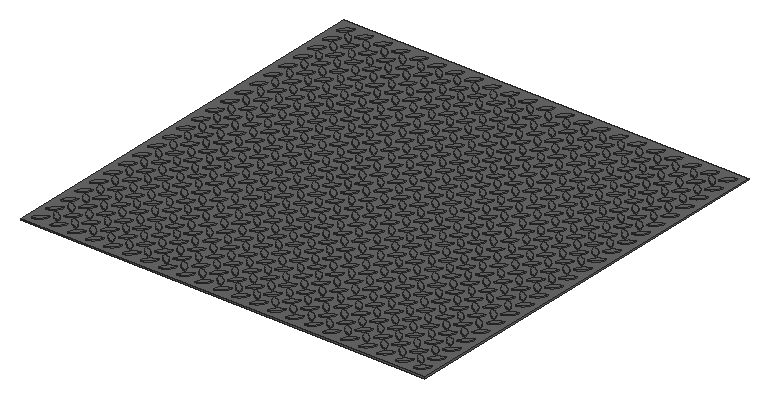
Revit family "141012021113804", category Modelos genéricos, Revit 2018 (continued)
Forms (mm)
  Blend 855, solid, material "Goma negro" <- "Material", detail levels fine
    base sketch origin (963.494, 748.945, 0) x (-0.707107, -0.707107, 0) y (0.707107, -0.707107, 0)
      loop
        arc (794.539, -324.327) -> (799.889, -307.273) -> (794.539, -290.22) r 29.852
        arc (794.539, -290.22) -> (793.684, -289.773) -> (792.83, -290.22) r 1.041
    top sketch origin (963.494, 748.945, 0) x (-0.707107, -0.707107, 0) y (0.707107, -0.707107, 0)
      loop
        arc (792.83, -290.22) -> (787.479, -307.273) -> (792.83, -324.327) r 29.852
        arc (792.83, -324.327) -> (793.684, -324.773) -> (794.539, -324.327) r 1.041
        arc (794.539, -324.327) -> (799.889, -307.273) -> (794.539, -290.22) r 29.852
        arc (794.539, -290.22) -> (793.684, -289.773) -> (792.83, -290.22) r 1.041
    from 0 to 1
  Blend 856, solid, material "Goma negro" <- "Material", detail levels fine
    base sketch origin (-226.445, 1160.994, 0) x (0.707107, -0.707107, 0) y (0.707107, 0.707107, 0)
      loop
        arc (792.83, -290.22) -> (787.479, -307.273) -> (792.83, -324.327) r 29.852
        arc (792.83, -324.327) -> (793.684, -324.773) -> (794.539, -324.327) r 1.041
        arc (794.539, -324.327) -> (799.889, -307.273) -> (794.539, -290.22) r 29.852
        arc (794.539, -290.22) -> (793.684, -289.773) -> (792.83, -290.22) r 1.041
    top sketch origin (-226.445, 1160.994, 0) x (0.707107, -0.707107, 0) y (0.707107, 0.707107, 0)
      loop
        arc (792.83, -290.22) -> (787.479, -307.273) -> (792.83, -324.327) r 29.852
        arc (792.83, -324.327) -> (793.684, -324.773) -> (794.539, -324.327) r 1.041
        arc (794.539, -324.327) -> (799.889, -307.273) -> (794.539, -290.22) r 29.852
        arc (794.539, -290.22) -> (793.684, -289.773) -> (792.83, -290.22) r 1.041
    from 0 to 1
  Blend 857, solid, material "Goma negro" <- "Material", detail levels fine
    base sketch origin (918.494, 748.945, 0) x (-0.707107, -0.707107, 0) y (0.707107, -0.707107, 0)
      loop
        arc (792.83, -290.22) -> (787.479, -307.273) -> (792.83, -324.327) r 29.852
        arc (792.83, -324.327) -> (793.684, -324.773) -> (794.539, -324.327) r 1.041
        arc (794.539, -324.327) -> (799.889, -307.273) -> (794.539, -290.22) r 29.852
        arc (794.539, -290.22) -> (793.684, -289.773) -> (792.83, -290.22) r 1.041
    top sketch origin (918.494, 748.945, 0) x (-0.707107, -0.707107, 0) y (0.707107, -0.707107, 0)
      loop
        arc (792.83, -290.22) -> (787.479, -307.273) -> (792.83, -324.327) r 29.852
        arc (792.83, -324.327) -> (793.684, -324.773) -> (794.539, -324.327) r 1.041
        arc (794.539, -324.327) -> (799.889, -307.273) -> (794.539, -290.22) r 29.852
        arc (794.539, -290.22) -> (793.684, -289.773) -> (792.83, -290.22) r 1.041
    from 0 to 1
  Blend 858, solid, material "Goma negro" <- "Material", detail levels fine
    base sketch origin (-271.445, 1160.994, 0) x (0.707107, -0.707107, 0) y (0.707107, 0.707107, 0)
      loop
        arc (792.83, -290.22) -> (787.479, -307.273) -> (792.83, -324.327) r 29.852
        arc (792.83, -324.327) -> (793.684, -324.773) -> (794.539, -324.327) r 1.041
        arc (794.539, -324.327) -> (799.889, -307.273) -> (794.539, -290.22) r 29.852
        arc (794.539, -290.22) -> (793.684, -289.773) -> (792.83, -290.22) r 1.041
    top sketch origin (-271.445, 1160.994, 0) x (0.707107, -0.707107, 0) y (0.707107, 0.707107, 0)
      loop
        arc (792.83, -290.22) -> (787.479, -307.273) -> (792.83, -324.327) r 29.852
        arc (792.83, -324.327) -> (793.684, -324.773) -> (794.539, -324.327) r 1.041
        arc (794.539, -324.327) -> (799.889, -307.273) -> (794.539, -290.22) r 29.852
        arc (794.539, -290.22) -> (793.684, -289.773) -> (792.83, -290.22) r 1.041
    from 0 to 1
  Blend 859, solid, material "Goma negro" <- "Material", detail levels fine
    base sketch origin (873.494, 748.945, 0) x (-0.707107, -0.707107, 0) y (0.707107, -0.707107, 0)
      loop
        arc (792.83, -290.22) -> (787.479, -307.273) -> (792.83, -324.327) r 29.852
        arc (792.83, -324.327) -> (793.684, -324.773) -> (794.539, -324.327) r 1.041
        arc (794.539, -324.327) -> (799.889, -307.273) -> (794.539, -290.22) r 29.852
        arc (794.539, -290.22) -> (793.684, -289.773) -> (792.83, -290.22) r 1.041
    top sketch origin (873.494, 748.945, 0) x (-0.707107, -0.707107, 0) y (0.707107, -0.707107, 0)
      loop
        arc (792.83, -290.22) -> (787.479, -307.273) -> (792.83, -324.327) r 29.852
        arc (792.83, -324.327) -> (793.684, -324.773) -> (794.539, -324.327) r 1.041
        arc (794.539, -324.327) -> (799.889, -307.273) -> (794.539, -290.22) r 29.852
        arc (794.539, -290.22) -> (793.684, -289.773) -> (792.83, -290.22) r 1.041
    from 0 to 1
  Blend 860, solid, material "Goma negro" <- "Material", detail levels fine
    base sketch origin (-316.445, 1160.994, 0) x (0.707107, -0.707107, 0) y (0.707107, 0.707107, 0)
      loop
        arc (792.83, -290.22) -> (787.479, -307.273) -> (792.83, -324.327) r 29.852
        arc (792.83, -324.327) -> (793.684, -324.773) -> (794.539, -324.327) r 1.041
        arc (794.539, -324.327) -> (799.889, -307.273) -> (794.539, -290.22) r 29.852
        arc (794.539, -290.22) -> (793.684, -289.773) -> (792.83, -290.22) r 1.041
    top sketch origin (-316.445, 1160.994, 0) x (0.707107, -0.707107, 0) y (0.707107, 0.707107, 0)
      loop
        arc (792.83, -290.22) -> (787.479, -307.273) -> (792.83, -324.327) r 29.852
        arc (792.83, -324.327) -> (793.684, -324.773) -> (794.539, -324.327) r 1.041
        arc (794.539, -324.327) -> (799.889, -307.273) -> (794.539, -290.22) r 29.852
        arc (794.539, -290.22) -> (793.684, -289.773) -> (792.83, -290.22) r 1.041
    from 0 to 1
  Blend 861, solid, material "Goma negro" <- "Material", detail levels fine
    base sketch origin (828.494, 748.945, 0) x (-0.707107, -0.707107, 0) y (0.707107, -0.707107, 0)
      loop
        arc (792.83, -290.22) -> (787.479, -307.273) -> (792.83, -324.327) r 29.852
        arc (792.83, -324.327) -> (793.684, -324.773) -> (794.539, -324.327) r 1.041
        arc (794.539, -324.327) -> (799.889, -307.273) -> (794.539, -290.22) r 29.852
        arc (794.539, -290.22) -> (793.684, -289.773) -> (792.83, -290.22) r 1.041
    top sketch origin (828.494, 748.945, 0) x (-0.707107, -0.707107, 0) y (0.707107, -0.707107, 0)
      loop
        arc (792.83, -290.22) -> (787.479, -307.273) -> (792.83, -324.327) r 29.852
        arc (792.83, -324.327) -> (793.684, -324.773) -> (794.539, -324.327) r 1.041
        arc (794.539, -324.327) -> (799.889, -307.273) -> (794.539, -290.22) r 29.852
        arc (794.539, -290.22) -> (793.684, -289.773) -> (792.83, -290.22) r 1.041
    from 0 to 1
  Blend 862, solid, material "Goma negro" <- "Material", detail levels fine
    base sketch origin (628.555, 1205.994, 0) x (0.707107, -0.707107, 0) y (0.707107, 0.707107, 0)
      loop
        arc (792.83, -290.22) -> (787.479, -307.273) -> (792.83, -324.327) r 29.852
        arc (792.83, -324.327) -> (793.684, -324.773) -> (794.539, -324.327) r 1.041
        arc (794.539, -324.327) -> (799.889, -307.273) -> (794.539, -290.22) r 29.852
        arc (794.539, -290.22) -> (793.684, -289.773) -> (792.83, -290.22) r 1.041
    top sketch origin (628.555, 1205.994, 0) x (0.707107, -0.707107, 0) y (0.707107, 0.707107, 0)
      loop
        arc (792.83, -290.22) -> (787.479, -307.273) -> (792.83, -324.327) r 29.852
        arc (792.83, -324.327) -> (793.684, -324.773) -> (794.539, -324.327) r 1.041
        arc (794.539, -324.327) -> (799.889, -307.273) -> (794.539, -290.22) r 29.852
        arc (794.539, -290.22) -> (793.684, -289.773) -> (792.83, -290.22) r 1.041
    from 0 to 1
  Blend 863, solid, material "Goma negro" <- "Material", detail levels fine
    base sketch origin (583.555, 1205.994, 0) x (0.707107, -0.707107, 0) y (0.707107, 0.707107, 0)
      loop
        arc (792.83, -290.22) -> (787.479, -307.273) -> (792.83, -324.327) r 29.852
        arc (792.83, -324.327) -> (793.684, -324.773) -> (794.539, -324.327) r 1.041
        arc (794.539, -324.327) -> (799.889, -307.273) -> (794.539, -290.22) r 29.852
        arc (794.539, -290.22) -> (793.684, -289.773) -> (792.83, -290.22) r 1.041
    top sketch origin (583.555, 1205.994, 0) x (0.707107, -0.707107, 0) y (0.707107, 0.707107, 0)
      loop
        arc (792.83, -290.22) -> (787.479, -307.273) -> (792.83, -324.327) r 29.852
        arc (792.83, -324.327) -> (793.684, -324.773) -> (794.539, -324.327) r 1.041
        arc (794.539, -324.327) -> (799.889, -307.273) -> (794.539, -290.22) r 29.852
        arc (794.539, -290.22) -> (793.684, -289.773) -> (792.83, -290.22) r 1.041
    from 0 to 1
  Blend 864, solid, material "Goma negro" <- "Material", detail levels fine
    base sketch origin (1728.494, 793.945, 0) x (-0.707107, -0.707107, 0) y (0.707107, -0.707107, 0)
      loop
        arc (792.83, -290.22) -> (787.479, -307.273) -> (792.83, -324.327) r 29.852
        arc (792.83, -324.327) -> (793.684, -324.773) -> (794.539, -324.327) r 1.041
        arc (794.539, -324.327) -> (799.889, -307.273) -> (794.539, -290.22) r 29.852
        arc (794.539, -290.22) -> (793.684, -289.773) -> (792.83, -290.22) r 1.041
    top sketch origin (1728.494, 793.945, 0) x (-0.707107, -0.707107, 0) y (0.707107, -0.707107, 0)
      loop
        arc (792.83, -290.22) -> (787.479, -307.273) -> (792.83, -324.327) r 29.852
        arc (792.83, -324.327) -> (793.684, -324.773) -> (794.539, -324.327) r 1.041
        arc (794.539, -324.327) -> (799.889, -307.273) -> (794.539, -290.22) r 29.852
        arc (794.539, -290.22) -> (793.684, -289.773) -> (792.83, -290.22) r 1.041
    from 0 to 1
  Blend 865, solid, material "Goma negro" <- "Material", detail levels fine
    base sketch origin (538.555, 1205.994, 0) x (0.707107, -0.707107, 0) y (0.707107, 0.707107, 0)
      loop
        arc (792.83, -290.22) -> (787.479, -307.273) -> (792.83, -324.327) r 29.852
        arc (792.83, -324.327) -> (793.684, -324.773) -> (794.539, -324.327) r 1.041
        arc (794.539, -324.327) -> (799.889, -307.273) -> (794.539, -290.22) r 29.852
        arc (794.539, -290.22) -> (793.684, -289.773) -> (792.83, -290.22) r 1.041
    top sketch origin (538.555, 1205.994, 0) x (0.707107, -0.707107, 0) y (0.707107, 0.707107, 0)
      loop
        arc (792.83, -290.22) -> (787.479, -307.273) -> (792.83, -324.327) r 29.852
        arc (792.83, -324.327) -> (793.684, -324.773) -> (794.539, -324.327) r 1.041
        arc (794.539, -324.327) -> (799.889, -307.273) -> (794.539, -290.22) r 29.852
        arc (794.539, -290.22) -> (793.684, -289.773) -> (792.83, -290.22) r 1.041
    from 0 to 1
  Blend 866, solid, material "Goma negro" <- "Material", detail levels fine
    base sketch origin (1683.494, 793.945, 0) x (-0.707107, -0.707107, 0) y (0.707107, -0.707107, 0)
      loop
        arc (792.83, -290.22) -> (787.479, -307.273) -> (792.83, -324.327) r 29.852
        arc (792.83, -324.327) -> (793.684, -324.773) -> (794.539, -324.327) r 1.041
        arc (794.539, -324.327) -> (799.889, -307.273) -> (794.539, -290.22) r 29.852
        arc (794.539, -290.22) -> (793.684, -289.773) -> (792.83, -290.22) r 1.041
    top sketch origin (1683.494, 793.945, 0) x (-0.707107, -0.707107, 0) y (0.707107, -0.707107, 0)
      loop
        arc (792.83, -290.22) -> (787.479, -307.273) -> (792.83, -324.327) r 29.852
        arc (792.83, -324.327) -> (793.684, -324.773) -> (794.539, -324.327) r 1.041
        arc (794.539, -324.327) -> (799.889, -307.273) -> (794.539, -290.22) r 29.852
        arc (794.539, -290.22) -> (793.684, -289.773) -> (792.83, -290.22) r 1.041
    from 0 to 1
  Blend 867, solid, material "Goma negro" <- "Material", detail levels fine
    base sketch origin (493.555, 1205.994, 0) x (0.707107, -0.707107, 0) y (0.707107, 0.707107, 0)
      loop
        arc (792.83, -290.22) -> (787.479, -307.273) -> (792.83, -324.327) r 29.852
        arc (792.83, -324.327) -> (793.684, -324.773) -> (794.539, -324.327) r 1.041
        arc (794.539, -324.327) -> (799.889, -307.273) -> (794.539, -290.22) r 29.852
        arc (794.539, -290.22) -> (793.684, -289.773) -> (792.83, -290.22) r 1.041
    top sketch origin (493.555, 1205.994, 0) x (0.707107, -0.707107, 0) y (0.707107, 0.707107, 0)
      loop
        arc (792.83, -290.22) -> (787.479, -307.273) -> (792.83, -324.327) r 29.852
        arc (792.83, -324.327) -> (793.684, -324.773) -> (794.539, -324.327) r 1.041
        arc (794.539, -324.327) -> (799.889, -307.273) -> (794.539, -290.22) r 29.852
        arc (794.539, -290.22) -> (793.684, -289.773) -> (792.83, -290.22) r 1.041
    from 0 to 1
  Blend 868, solid, material "Goma negro" <- "Material", detail levels fine
    base sketch origin (1638.494, 793.945, 0) x (-0.707107, -0.707107, 0) y (0.707107, -0.707107, 0)
      loop
        arc (792.83, -290.22) -> (787.479, -307.273) -> (792.83, -324.327) r 29.852
        arc (792.83, -324.327) -> (793.684, -324.773) -> (794.539, -324.327) r 1.041
        arc (794.539, -324.327) -> (799.889, -307.273) -> (794.539, -290.22) r 29.852
        arc (794.539, -290.22) -> (793.684, -289.773) -> (792.83, -290.22) r 1.041
    top sketch origin (1638.494, 793.945, 0) x (-0.707107, -0.707107, 0) y (0.707107, -0.707107, 0)
      loop
        arc (792.83, -290.22) -> (787.479, -307.273) -> (792.83, -324.327) r 29.852
        arc (792.83, -324.327) -> (793.684, -324.773) -> (794.539, -324.327) r 1.041
        arc (794.539, -324.327) -> (799.889, -307.273) -> (794.539, -290.22) r 29.852
        arc (794.539, -290.22) -> (793.684, -289.773) -> (792.83, -290.22) r 1.041
    from 0 to 1
  Blend 869, solid, material "Goma negro" <- "Material", detail levels fine
    base sketch origin (448.555, 1205.994, 0) x (0.707107, -0.707107, 0) y (0.707107, 0.707107, 0)
      loop
        arc (792.83, -290.22) -> (787.479, -307.273) -> (792.83, -324.327) r 29.852
        arc (792.83, -324.327) -> (793.684, -324.773) -> (794.539, -324.327) r 1.041
        arc (794.539, -324.327) -> (799.889, -307.273) -> (794.539, -290.22) r 29.852
        arc (794.539, -290.22) -> (793.684, -289.773) -> (792.83, -290.22) r 1.041
    top sketch origin (448.555, 1205.994, 0) x (0.707107, -0.707107, 0) y (0.707107, 0.707107, 0)
      loop
        arc (792.83, -290.22) -> (787.479, -307.273) -> (792.83, -324.327) r 29.852
        arc (792.83, -324.327) -> (793.684, -324.773) -> (794.539, -324.327) r 1.041
        arc (794.539, -324.327) -> (799.889, -307.273) -> (794.539, -290.22) r 29.852
        arc (794.539, -290.22) -> (793.684, -289.773) -> (792.83, -290.22) r 1.041
    from 0 to 1
  Blend 870, solid, material "Goma negro" <- "Material", detail levels fine
    base sketch origin (1593.494, 793.945, 0) x (-0.707107, -0.707107, 0) y (0.707107, -0.707107, 0)
      loop
        arc (792.83, -290.22) -> (787.479, -307.273) -> (792.83, -324.327) r 29.852
        arc (792.83, -324.327) -> (793.684, -324.773) -> (794.539, -324.327) r 1.041
        arc (794.539, -324.327) -> (799.889, -307.273) -> (794.539, -290.22) r 29.852
        arc (794.539, -290.22) -> (793.684, -289.773) -> (792.83, -290.22) r 1.041
    top sketch origin (1593.494, 793.945, 0) x (-0.707107, -0.707107, 0) y (0.707107, -0.707107, 0)
      loop
        arc (792.83, -290.22) -> (787.479, -307.273) -> (792.83, -324.327) r 29.852
        arc (792.83, -324.327) -> (793.684, -324.773) -> (794.539, -324.327) r 1.041
        arc (794.539, -324.327) -> (799.889, -307.273) -> (794.539, -290.22) r 29.852
        arc (794.539, -290.22) -> (793.684, -289.773) -> (792.83, -290.22) r 1.041
    from 0 to 1
  Blend 871, solid, material "Goma negro" <- "Material", detail levels fine
    base sketch origin (403.555, 1205.994, 0) x (0.707107, -0.707107, 0) y (0.707107, 0.707107, 0)
      loop
        arc (792.83, -290.22) -> (787.479, -307.273) -> (792.83, -324.327) r 29.852
        arc (792.83, -324.327) -> (793.684, -324.773) -> (794.539, -324.327) r 1.041
        arc (794.539, -324.327) -> (799.889, -307.273) -> (794.539, -290.22) r 29.852
        arc (794.539, -290.22) -> (793.684, -289.773) -> (792.83, -290.22) r 1.041
    top sketch origin (403.555, 1205.994, 0) x (0.707107, -0.707107, 0) y (0.707107, 0.707107, 0)
      loop
        arc (792.83, -290.22) -> (787.479, -307.273) -> (792.83, -324.327) r 29.852
        arc (792.83, -324.327) -> (793.684, -324.773) -> (794.539, -324.327) r 1.041
        arc (794.539, -324.327) -> (799.889, -307.273) -> (794.539, -290.22) r 29.852
        arc (794.539, -290.22) -> (793.684, -289.773) -> (792.83, -290.22) r 1.041
    from 0 to 1
  Blend 872, solid, material "Goma negro" <- "Material", detail levels fine
    base sketch origin (1548.494, 793.945, 0) x (-0.707107, -0.707107, 0) y (0.707107, -0.707107, 0)
      loop
        arc (792.83, -290.22) -> (787.479, -307.273) -> (792.83, -324.327) r 29.852
        arc (792.83, -324.327) -> (793.684, -324.773) -> (794.539, -324.327) r 1.041
        arc (794.539, -324.327) -> (799.889, -307.273) -> (794.539, -290.22) r 29.852
        arc (794.539, -290.22) -> (793.684, -289.773) -> (792.83, -290.22) r 1.041
    top sketch origin (1548.494, 793.945, 0) x (-0.707107, -0.707107, 0) y (0.707107, -0.707107, 0)
      loop
        arc (792.83, -290.22) -> (787.479, -307.273) -> (792.83, -324.327) r 29.852
        arc (792.83, -324.327) -> (793.684, -324.773) -> (794.539, -324.327) r 1.041
        arc (794.539, -324.327) -> (799.889, -307.273) -> (794.539, -290.22) r 29.852
        arc (794.539, -290.22) -> (793.684, -289.773) -> (792.83, -290.22) r 1.041
    from 0 to 1
  Blend 873, solid, material "Goma negro" <- "Material", detail levels fine
    base sketch origin (358.555, 1205.994, 0) x (0.707107, -0.707107, 0) y (0.707107, 0.707107, 0)
      loop
        arc (792.83, -290.22) -> (787.479, -307.273) -> (792.83, -324.327) r 29.852
        arc (792.83, -324.327) -> (793.684, -324.773) -> (794.539, -324.327) r 1.041
        arc (794.539, -324.327) -> (799.889, -307.273) -> (794.539, -290.22) r 29.852
        arc (794.539, -290.22) -> (793.684, -289.773) -> (792.83, -290.22) r 1.041
    top sketch origin (358.555, 1205.994, 0) x (0.707107, -0.707107, 0) y (0.707107, 0.707107, 0)
      loop
        arc (792.83, -290.22) -> (787.479, -307.273) -> (792.83, -324.327) r 29.852
        arc (792.83, -324.327) -> (793.684, -324.773) -> (794.539, -324.327) r 1.041
        arc (794.539, -324.327) -> (799.889, -307.273) -> (794.539, -290.22) r 29.852
        arc (794.539, -290.22) -> (793.684, -289.773) -> (792.83, -290.22) r 1.041
    from 0 to 1
  Blend 874, solid, material "Goma negro" <- "Material", detail levels fine
    base sketch origin (1503.494, 793.945, 0) x (-0.707107, -0.707107, 0) y (0.707107, -0.707107, 0)
      loop
        arc (792.83, -290.22) -> (787.479, -307.273) -> (792.83, -324.327) r 29.852
        arc (792.83, -324.327) -> (793.684, -324.773) -> (794.539, -324.327) r 1.041
        arc (794.539, -324.327) -> (799.889, -307.273) -> (794.539, -290.22) r 29.852
        arc (794.539, -290.22) -> (793.684, -289.773) -> (792.83, -290.22) r 1.041
    top sketch origin (1503.494, 793.945, 0) x (-0.707107, -0.707107, 0) y (0.707107, -0.707107, 0)
      loop
        arc (792.83, -290.22) -> (787.479, -307.273) -> (792.83, -324.327) r 29.852
        arc (792.83, -324.327) -> (793.684, -324.773) -> (794.539, -324.327) r 1.041
        arc (794.539, -324.327) -> (799.889, -307.273) -> (794.539, -290.22) r 29.852
        arc (794.539, -290.22) -> (793.684, -289.773) -> (792.83, -290.22) r 1.041
    from 0 to 1
  Blend 875, solid, material "Goma negro" <- "Material", detail levels fine
    base sketch origin (313.555, 1205.994, 0) x (0.707107, -0.707107, 0) y (0.707107, 0.707107, 0)
      loop
        arc (792.83, -290.22) -> (787.479, -307.273) -> (792.83, -324.327) r 29.852
        arc (792.83, -324.327) -> (793.684, -324.773) -> (794.539, -324.327) r 1.041
        arc (794.539, -324.327) -> (799.889, -307.273) -> (794.539, -290.22) r 29.852
        arc (794.539, -290.22) -> (793.684, -289.773) -> (792.83, -290.22) r 1.041
    top sketch origin (313.555, 1205.994, 0) x (0.707107, -0.707107, 0) y (0.707107, 0.707107, 0)
      loop
        arc (792.83, -290.22) -> (787.479, -307.273) -> (792.83, -324.327) r 29.852
        arc (792.83, -324.327) -> (793.684, -324.773) -> (794.539, -324.327) r 1.041
        arc (794.539, -324.327) -> (799.889, -307.273) -> (794.539, -290.22) r 29.852
        arc (794.539, -290.22) -> (793.684, -289.773) -> (792.83, -290.22) r 1.041
    from 0 to 1
  Blend 876, solid, material "Goma negro" <- "Material", detail levels fine
    base sketch origin (1458.494, 793.945, 0) x (-0.707107, -0.707107, 0) y (0.707107, -0.707107, 0)
      loop
        arc (792.83, -290.22) -> (787.479, -307.273) -> (792.83, -324.327) r 29.852
        arc (792.83, -324.327) -> (793.684, -324.773) -> (794.539, -324.327) r 1.041
        arc (794.539, -324.327) -> (799.889, -307.273) -> (794.539, -290.22) r 29.852
        arc (794.539, -290.22) -> (793.684, -289.773) -> (792.83, -290.22) r 1.041
    top sketch origin (1458.494, 793.945, 0) x (-0.707107, -0.707107, 0) y (0.707107, -0.707107, 0)
      loop
        arc (792.83, -290.22) -> (787.479, -307.273) -> (792.83, -324.327) r 29.852
        arc (792.83, -324.327) -> (793.684, -324.773) -> (794.539, -324.327) r 1.041
        arc (794.539, -324.327) -> (799.889, -307.273) -> (794.539, -290.22) r 29.852
        arc (794.539, -290.22) -> (793.684, -289.773) -> (792.83, -290.22) r 1.041
    from 0 to 1
  Blend 877, solid, material "Goma negro" <- "Material", detail levels fine
    base sketch origin (268.555, 1205.994, 0) x (0.707107, -0.707107, 0) y (0.707107, 0.707107, 0)
      loop
        arc (792.83, -290.22) -> (787.479, -307.273) -> (792.83, -324.327) r 29.852
        arc (792.83, -324.327) -> (793.684, -324.773) -> (794.539, -324.327) r 1.041
        arc (794.539, -324.327) -> (799.889, -307.273) -> (794.539, -290.22) r 29.852
        arc (794.539, -290.22) -> (793.684, -289.773) -> (792.83, -290.22) r 1.041
    top sketch origin (268.555, 1205.994, 0) x (0.707107, -0.707107, 0) y (0.707107, 0.707107, 0)
      loop
        arc (792.83, -290.22) -> (787.479, -307.273) -> (792.83, -324.327) r 29.852
        arc (792.83, -324.327) -> (793.684, -324.773) -> (794.539, -324.327) r 1.041
        arc (794.539, -324.327) -> (799.889, -307.273) -> (794.539, -290.22) r 29.852
        arc (794.539, -290.22) -> (793.684, -289.773) -> (792.83, -290.22) r 1.041
    from 0 to 1
  Blend 878, solid, material "Goma negro" <- "Material", detail levels fine
    base sketch origin (1413.494, 793.945, 0) x (-0.707107, -0.707107, 0) y (0.707107, -0.707107, 0)
      loop
        arc (792.83, -290.22) -> (787.479, -307.273) -> (792.83, -324.327) r 29.852
        arc (792.83, -324.327) -> (793.684, -324.773) -> (794.539, -324.327) r 1.041
        arc (794.539, -324.327) -> (799.889, -307.273) -> (794.539, -290.22) r 29.852
        arc (794.539, -290.22) -> (793.684, -289.773) -> (792.83, -290.22) r 1.041
    top sketch origin (1413.494, 793.945, 0) x (-0.707107, -0.707107, 0) y (0.707107, -0.707107, 0)
      loop
        arc (792.83, -290.22) -> (787.479, -307.273) -> (792.83, -324.327) r 29.852
        arc (792.83, -324.327) -> (793.684, -324.773) -> (794.539, -324.327) r 1.041
        arc (794.539, -324.327) -> (799.889, -307.273) -> (794.539, -290.22) r 29.852
        arc (794.539, -290.22) -> (793.684, -289.773) -> (792.83, -290.22) r 1.041
    from 0 to 1
  Blend 879, solid, material "Goma negro" <- "Material", detail levels fine
    base sketch origin (223.555, 1205.994, 0) x (0.707107, -0.707107, 0) y (0.707107, 0.707107, 0)
      loop
        arc (792.83, -290.22) -> (787.479, -307.273) -> (792.83, -324.327) r 29.852
        arc (792.83, -324.327) -> (793.684, -324.773) -> (794.539, -324.327) r 1.041
        arc (794.539, -324.327) -> (799.889, -307.273) -> (794.539, -290.22) r 29.852
        arc (794.539, -290.22) -> (793.684, -289.773) -> (792.83, -290.22) r 1.041
    top sketch origin (223.555, 1205.994, 0) x (0.707107, -0.707107, 0) y (0.707107, 0.707107, 0)
      loop
        arc (792.83, -290.22) -> (787.479, -307.273) -> (792.83, -324.327) r 29.852
        arc (792.83, -324.327) -> (793.684, -324.773) -> (794.539, -324.327) r 1.041
        arc (794.539, -324.327) -> (799.889, -307.273) -> (794.539, -290.22) r 29.852
        arc (794.539, -290.22) -> (793.684, -289.773) -> (792.83, -290.22) r 1.041
    from 0 to 1
  Blend 880, solid, material "Goma negro" <- "Material", detail levels fine
    base sketch origin (1368.494, 793.945, 0) x (-0.707107, -0.707107, 0) y (0.707107, -0.707107, 0)
      loop
        arc (792.83, -290.22) -> (787.479, -307.273) -> (792.83, -324.327) r 29.852
        arc (792.83, -324.327) -> (793.684, -324.773) -> (794.539, -324.327) r 1.041
        arc (794.539, -324.327) -> (799.889, -307.273) -> (794.539, -290.22) r 29.852
        arc (794.539, -290.22) -> (793.684, -289.773) -> (792.83, -290.22) r 1.041
    top sketch origin (1368.494, 793.945, 0) x (-0.707107, -0.707107, 0) y (0.707107, -0.707107, 0)
      loop
        arc (792.83, -290.22) -> (787.479, -307.273) -> (792.83, -324.327) r 29.852
        arc (792.83, -324.327) -> (793.684, -324.773) -> (794.539, -324.327) r 1.041
        arc (794.539, -324.327) -> (799.889, -307.273) -> (794.539, -290.22) r 29.852
        arc (794.539, -290.22) -> (793.684, -289.773) -> (792.83, -290.22) r 1.041
    from 0 to 1
  Blend 881, solid, material "Goma negro" <- "Material", detail levels fine
    base sketch origin (178.555, 1205.994, 0) x (0.707107, -0.707107, 0) y (0.707107, 0.707107, 0)
      loop
        arc (792.83, -290.22) -> (787.479, -307.273) -> (792.83, -324.327) r 29.852
        arc (792.83, -324.327) -> (793.684, -324.773) -> (794.539, -324.327) r 1.041
        arc (794.539, -324.327) -> (799.889, -307.273) -> (794.539, -290.22) r 29.852
        arc (794.539, -290.22) -> (793.684, -289.773) -> (792.83, -290.22) r 1.041
    top sketch origin (178.555, 1205.994, 0) x (0.707107, -0.707107, 0) y (0.707107, 0.707107, 0)
      loop
        arc (792.83, -290.22) -> (787.479, -307.273) -> (792.83, -324.327) r 29.852
        arc (792.83, -324.327) -> (793.684, -324.773) -> (794.539, -324.327) r 1.041
        arc (794.539, -324.327) -> (799.889, -307.273) -> (794.539, -290.22) r 29.852
        arc (794.539, -290.22) -> (793.684, -289.773) -> (792.83, -290.22) r 1.041
    from 0 to 1
  Blend 882, solid, material "Goma negro" <- "Material", detail levels fine
    base sketch origin (1323.494, 793.945, 0) x (-0.707107, -0.707107, 0) y (0.707107, -0.707107, 0)
      loop
        arc (792.83, -290.22) -> (787.479, -307.273) -> (792.83, -324.327) r 29.852
        arc (792.83, -324.327) -> (793.684, -324.773) -> (794.539, -324.327) r 1.041
        arc (794.539, -324.327) -> (799.889, -307.273) -> (794.539, -290.22) r 29.852
        arc (794.539, -290.22) -> (793.684, -289.773) -> (792.83, -290.22) r 1.041
    top sketch origin (1323.494, 793.945, 0) x (-0.707107, -0.707107, 0) y (0.707107, -0.707107, 0)
      loop
        arc (792.83, -290.22) -> (787.479, -307.273) -> (792.83, -324.327) r 29.852
        arc (792.83, -324.327) -> (793.684, -324.773) -> (794.539, -324.327) r 1.041
        arc (794.539, -324.327) -> (799.889, -307.273) -> (794.539, -290.22) r 29.852
        arc (794.539, -290.22) -> (793.684, -289.773) -> (792.83, -290.22) r 1.041
    from 0 to 1
  Blend 883, solid, material "Goma negro" <- "Material", detail levels fine
    base sketch origin (133.555, 1205.994, 0) x (0.707107, -0.707107, 0) y (0.707107, 0.707107, 0)
      loop
        arc (792.83, -290.22) -> (787.479, -307.273) -> (792.83, -324.327) r 29.852
        arc (792.83, -324.327) -> (793.684, -324.773) -> (794.539, -324.327) r 1.041
        arc (794.539, -324.327) -> (799.889, -307.273) -> (794.539, -290.22) r 29.852
        arc (794.539, -290.22) -> (793.684, -289.773) -> (792.83, -290.22) r 1.041
    top sketch origin (133.555, 1205.994, 0) x (0.707107, -0.707107, 0) y (0.707107, 0.707107, 0)
      loop
        arc (792.83, -290.22) -> (787.479, -307.273) -> (792.83, -324.327) r 29.852
        arc (792.83, -324.327) -> (793.684, -324.773) -> (794.539, -324.327) r 1.041
        arc (794.539, -324.327) -> (799.889, -307.273) -> (794.539, -290.22) r 29.852
        arc (794.539, -290.22) -> (793.684, -289.773) -> (792.83, -290.22) r 1.041
    from 0 to 1
  Blend 884, solid, material "Goma negro" <- "Material", detail levels fine
    base sketch origin (1278.494, 793.945, 0) x (-0.707107, -0.707107, 0) y (0.707107, -0.707107, 0)
      loop
        arc (792.83, -290.22) -> (787.479, -307.273) -> (792.83, -324.327) r 29.852
        arc (792.83, -324.327) -> (793.684, -324.773) -> (794.539, -324.327) r 1.041
        arc (794.539, -324.327) -> (799.889, -307.273) -> (794.539, -290.22) r 29.852
        arc (794.539, -290.22) -> (793.684, -289.773) -> (792.83, -290.22) r 1.041
    top sketch origin (1278.494, 793.945, 0) x (-0.707107, -0.707107, 0) y (0.707107, -0.707107, 0)
      loop
        arc (792.83, -290.22) -> (787.479, -307.273) -> (792.83, -324.327) r 29.852
        arc (792.83, -324.327) -> (793.684, -324.773) -> (794.539, -324.327) r 1.041
        arc (794.539, -324.327) -> (799.889, -307.273) -> (794.539, -290.22) r 29.852
        arc (794.539, -290.22) -> (793.684, -289.773) -> (792.83, -290.22) r 1.041
    from 0 to 1
  Blend 885, solid, material "Goma negro" <- "Material", detail levels fine
    base sketch origin (88.555, 1205.994, 0) x (0.707107, -0.707107, 0) y (0.707107, 0.707107, 0)
      loop
        arc (792.83, -290.22) -> (787.479, -307.273) -> (792.83, -324.327) r 29.852
        arc (792.83, -324.327) -> (793.684, -324.773) -> (794.539, -324.327) r 1.041
        arc (794.539, -324.327) -> (799.889, -307.273) -> (794.539, -290.22) r 29.852
        arc (794.539, -290.22) -> (793.684, -289.773) -> (792.83, -290.22) r 1.041
    top sketch origin (88.555, 1205.994, 0) x (0.707107, -0.707107, 0) y (0.707107, 0.707107, 0)
      loop
        arc (792.83, -290.22) -> (787.479, -307.273) -> (792.83, -324.327) r 29.852
        arc (792.83, -324.327) -> (793.684, -324.773) -> (794.539, -324.327) r 1.041
        arc (794.539, -324.327) -> (799.889, -307.273) -> (794.539, -290.22) r 29.852
        arc (794.539, -290.22) -> (793.684, -289.773) -> (792.83, -290.22) r 1.041
    from 0 to 1
  Blend 886, solid, material "Goma negro" <- "Material", detail levels fine
    base sketch origin (1233.494, 793.945, 0) x (-0.707107, -0.707107, 0) y (0.707107, -0.707107, 0)
      loop
        arc (792.83, -290.22) -> (787.479, -307.273) -> (792.83, -324.327) r 29.852
        arc (792.83, -324.327) -> (793.684, -324.773) -> (794.539, -324.327) r 1.041
        arc (794.539, -324.327) -> (799.889, -307.273) -> (794.539, -290.22) r 29.852
        arc (794.539, -290.22) -> (793.684, -289.773) -> (792.83, -290.22) r 1.041
    top sketch origin (1233.494, 793.945, 0) x (-0.707107, -0.707107, 0) y (0.707107, -0.707107, 0)
      loop
        arc (792.83, -290.22) -> (787.479, -307.273) -> (792.83, -324.327) r 29.852
        arc (792.83, -324.327) -> (793.684, -324.773) -> (794.539, -324.327) r 1.041
        arc (794.539, -324.327) -> (799.889, -307.273) -> (794.539, -290.22) r 29.852
        arc (794.539, -290.22) -> (793.684, -289.773) -> (792.83, -290.22) r 1.041
    from 0 to 1
  Blend 887, solid, material "Goma negro" <- "Material", detail levels fine
    base sketch origin (43.555, 1205.994, 0) x (0.707107, -0.707107, 0) y (0.707107, 0.707107, 0)
      loop
        arc (792.83, -290.22) -> (787.479, -307.273) -> (792.83, -324.327) r 29.852
        arc (792.83, -324.327) -> (793.684, -324.773) -> (794.539, -324.327) r 1.041
        arc (794.539, -324.327) -> (799.889, -307.273) -> (794.539, -290.22) r 29.852
        arc (794.539, -290.22) -> (793.684, -289.773) -> (792.83, -290.22) r 1.041
    top sketch origin (43.555, 1205.994, 0) x (0.707107, -0.707107, 0) y (0.707107, 0.707107, 0)
      loop
        arc (792.83, -290.22) -> (787.479, -307.273) -> (792.83, -324.327) r 29.852
        arc (792.83, -324.327) -> (793.684, -324.773) -> (794.539, -324.327) r 1.041
        arc (794.539, -324.327) -> (799.889, -307.273) -> (794.539, -290.22) r 29.852
        arc (794.539, -290.22) -> (793.684, -289.773) -> (792.83, -290.22) r 1.041
    from 0 to 1
  Blend 888, solid, material "Goma negro" <- "Material", detail levels fine
    base sketch origin (1188.494, 793.945, 0) x (-0.707107, -0.707107, 0) y (0.707107, -0.707107, 0)
      loop
        arc (792.83, -290.22) -> (787.479, -307.273) -> (792.83, -324.327) r 29.852
        arc (792.83, -324.327) -> (793.684, -324.773) -> (794.539, -324.327) r 1.041
        arc (794.539, -324.327) -> (799.889, -307.273) -> (794.539, -290.22) r 29.852
        arc (794.539, -290.22) -> (793.684, -289.773) -> (792.83, -290.22) r 1.041
    top sketch origin (1188.494, 793.945, 0) x (-0.707107, -0.707107, 0) y (0.707107, -0.707107, 0)
      loop
        arc (792.83, -290.22) -> (787.479, -307.273) -> (792.83, -324.327) r 29.852
        arc (792.83, -324.327) -> (793.684, -324.773) -> (794.539, -324.327) r 1.041
        arc (794.539, -324.327) -> (799.889, -307.273) -> (794.539, -290.22) r 29.852
        arc (794.539, -290.22) -> (793.684, -289.773) -> (792.83, -290.22) r 1.041
    from 0 to 1
  Blend 889, solid, material "Goma negro" <- "Material", detail levels fine
    base sketch origin (-1.445, 1205.994, 0) x (0.707107, -0.707107, 0) y (0.707107, 0.707107, 0)
      loop
        arc (792.83, -290.22) -> (787.479, -307.273) -> (792.83, -324.327) r 29.852
        arc (792.83, -324.327) -> (793.684, -324.773) -> (794.539, -324.327) r 1.041
        arc (794.539, -324.327) -> (799.889, -307.273) -> (794.539, -290.22) r 29.852
        arc (794.539, -290.22) -> (793.684, -289.773) -> (792.83, -290.22) r 1.041
    top sketch origin (-1.445, 1205.994, 0) x (0.707107, -0.707107, 0) y (0.707107, 0.707107, 0)
      loop
        arc (792.83, -290.22) -> (787.479, -307.273) -> (792.83, -324.327) r 29.852
        arc (792.83, -324.327) -> (793.684, -324.773) -> (794.539, -324.327) r 1.041
        arc (794.539, -324.327) -> (799.889, -307.273) -> (794.539, -290.22) r 29.852
        arc (794.539, -290.22) -> (793.684, -289.773) -> (792.83, -290.22) r 1.041
    from 0 to 1
  Blend 890, solid, material "Goma negro" <- "Material", detail levels fine
    base sketch origin (1143.494, 793.945, 0) x (-0.707107, -0.707107, 0) y (0.707107, -0.707107, 0)
      loop
        arc (792.83, -290.22) -> (787.479, -307.273) -> (792.83, -324.327) r 29.852
        arc (792.83, -324.327) -> (793.684, -324.773) -> (794.539, -324.327) r 1.041
        arc (794.539, -324.327) -> (799.889, -307.273) -> (794.539, -290.22) r 29.852
        arc (794.539, -290.22) -> (793.684, -289.773) -> (792.83, -290.22) r 1.041
    top sketch origin (1143.494, 793.945, 0) x (-0.707107, -0.707107, 0) y (0.707107, -0.707107, 0)
      loop
        arc (792.83, -290.22) -> (787.479, -307.273) -> (792.83, -324.327) r 29.852
        arc (792.83, -324.327) -> (793.684, -324.773) -> (794.539, -324.327) r 1.041
        arc (794.539, -324.327) -> (799.889, -307.273) -> (794.539, -290.22) r 29.852
        arc (794.539, -290.22) -> (793.684, -289.773) -> (792.83, -290.22) r 1.041
    from 0 to 1
  Blend 891, solid, material "Goma negro" <- "Material", detail levels fine
    base sketch origin (-46.445, 1205.994, 0) x (0.707107, -0.707107, 0) y (0.707107, 0.707107, 0)
      loop
        arc (792.83, -290.22) -> (787.479, -307.273) -> (792.83, -324.327) r 29.852
        arc (792.83, -324.327) -> (793.684, -324.773) -> (794.539, -324.327) r 1.041
        arc (794.539, -324.327) -> (799.889, -307.273) -> (794.539, -290.22) r 29.852
        arc (794.539, -290.22) -> (793.684, -289.773) -> (792.83, -290.22) r 1.041
    top sketch origin (-46.445, 1205.994, 0) x (0.707107, -0.707107, 0) y (0.707107, 0.707107, 0)
      loop
        arc (792.83, -290.22) -> (787.479, -307.273) -> (792.83, -324.327) r 29.852
        arc (792.83, -324.327) -> (793.684, -324.773) -> (794.539, -324.327) r 1.041
        arc (794.539, -324.327) -> (799.889, -307.273) -> (794.539, -290.22) r 29.852
        arc (794.539, -290.22) -> (793.684, -289.773) -> (792.83, -290.22) r 1.041
    from 0 to 1
  Blend 892, solid, material "Goma negro" <- "Material", detail levels fine
    base sketch origin (1098.494, 793.945, 0) x (-0.707107, -0.707107, 0) y (0.707107, -0.707107, 0)
      loop
        arc (792.83, -290.22) -> (787.479, -307.273) -> (792.83, -324.327) r 29.852
        arc (792.83, -324.327) -> (793.684, -324.773) -> (794.539, -324.327) r 1.041
        arc (794.539, -324.327) -> (799.889, -307.273) -> (794.539, -290.22) r 29.852
        arc (794.539, -290.22) -> (793.684, -289.773) -> (792.83, -290.22) r 1.041
    top sketch origin (1098.494, 793.945, 0) x (-0.707107, -0.707107, 0) y (0.707107, -0.707107, 0)
      loop
        arc (792.83, -290.22) -> (787.479, -307.273) -> (792.83, -324.327) r 29.852
        arc (792.83, -324.327) -> (793.684, -324.773) -> (794.539, -324.327) r 1.041
        arc (794.539, -324.327) -> (799.889, -307.273) -> (794.539, -290.22) r 29.852
        arc (794.539, -290.22) -> (793.684, -289.773) -> (792.83, -290.22) r 1.041
    from 0 to 1
  Blend 893, solid, material "Goma negro" <- "Material", detail levels fine
    base sketch origin (-91.445, 1205.994, 0) x (0.707107, -0.707107, 0) y (0.707107, 0.707107, 0)
      loop
        arc (792.83, -290.22) -> (787.479, -307.273) -> (792.83, -324.327) r 29.852
        arc (792.83, -324.327) -> (793.684, -324.773) -> (794.539, -324.327) r 1.041
        arc (794.539, -324.327) -> (799.889, -307.273) -> (794.539, -290.22) r 29.852
        arc (794.539, -290.22) -> (793.684, -289.773) -> (792.83, -290.22) r 1.041
    top sketch origin (-91.445, 1205.994, 0) x (0.707107, -0.707107, 0) y (0.707107, 0.707107, 0)
      loop
        arc (792.83, -290.22) -> (787.479, -307.273) -> (792.83, -324.327) r 29.852
        arc (792.83, -324.327) -> (793.684, -324.773) -> (794.539, -324.327) r 1.041
        arc (794.539, -324.327) -> (799.889, -307.273) -> (794.539, -290.22) r 29.852
        arc (794.539, -290.22) -> (793.684, -289.773) -> (792.83, -290.22) r 1.041
    from 0 to 1
  Blend 894, solid, material "Goma negro" <- "Material", detail levels fine
    base sketch origin (1053.494, 793.945, 0) x (-0.707107, -0.707107, 0) y (0.707107, -0.707107, 0)
      loop
        arc (792.83, -290.22) -> (787.479, -307.273) -> (792.83, -324.327) r 29.852
        arc (792.83, -324.327) -> (793.684, -324.773) -> (794.539, -324.327) r 1.041
        arc (794.539, -324.327) -> (799.889, -307.273) -> (794.539, -290.22) r 29.852
        arc (794.539, -290.22) -> (793.684, -289.773) -> (792.83, -290.22) r 1.041
    top sketch origin (1053.494, 793.945, 0) x (-0.707107, -0.707107, 0) y (0.707107, -0.707107, 0)
      loop
        arc (792.83, -290.22) -> (787.479, -307.273) -> (792.83, -324.327) r 29.852
        arc (792.83, -324.327) -> (793.684, -324.773) -> (794.539, -324.327) r 1.041
        arc (794.539, -324.327) -> (799.889, -307.273) -> (794.539, -290.22) r 29.852
        arc (794.539, -290.22) -> (793.684, -289.773) -> (792.83, -290.22) r 1.041
    from 0 to 1
  Blend 895, solid, material "Goma negro" <- "Material", detail levels fine
    base sketch origin (-136.445, 1205.994, 0) x (0.707107, -0.707107, 0) y (0.707107, 0.707107, 0)
      loop
        arc (792.83, -290.22) -> (787.479, -307.273) -> (792.83, -324.327) r 29.852
        arc (792.83, -324.327) -> (793.684, -324.773) -> (794.539, -324.327) r 1.041
        arc (794.539, -324.327) -> (799.889, -307.273) -> (794.539, -290.22) r 29.852
        arc (794.539, -290.22) -> (793.684, -289.773) -> (792.83, -290.22) r 1.041
    top sketch origin (-136.445, 1205.994, 0) x (0.707107, -0.707107, 0) y (0.707107, 0.707107, 0)
      loop
        arc (792.83, -290.22) -> (787.479, -307.273) -> (792.83, -324.327) r 29.852
        arc (792.83, -324.327) -> (793.684, -324.773) -> (794.539, -324.327) r 1.041
        arc (794.539, -324.327) -> (799.889, -307.273) -> (794.539, -290.22) r 29.852
        arc (794.539, -290.22) -> (793.684, -289.773) -> (792.83, -290.22) r 1.041
    from 0 to 1
  Blend 896, solid, material "Goma negro" <- "Material", detail levels fine
    base sketch origin (1008.494, 793.945, 0) x (-0.707107, -0.707107, 0) y (0.707107, -0.707107, 0)
      loop
        arc (792.83, -290.22) -> (787.479, -307.273) -> (792.83, -324.327) r 29.852
        arc (792.83, -324.327) -> (793.684, -324.773) -> (794.539, -324.327) r 1.041
        arc (794.539, -324.327) -> (799.889, -307.273) -> (794.539, -290.22) r 29.852
        arc (794.539, -290.22) -> (793.684, -289.773) -> (792.83, -290.22) r 1.041
    top sketch origin (1008.494, 793.945, 0) x (-0.707107, -0.707107, 0) y (0.707107, -0.707107, 0)
      loop
        arc (792.83, -290.22) -> (787.479, -307.273) -> (792.83, -324.327) r 29.852
        arc (792.83, -324.327) -> (793.684, -324.773) -> (794.539, -324.327) r 1.041
        arc (794.539, -324.327) -> (799.889, -307.273) -> (794.539, -290.22) r 29.852
        arc (794.539, -290.22) -> (793.684, -289.773) -> (792.83, -290.22) r 1.041
    from 0 to 1
  Blend 897, solid, material "Goma negro" <- "Material", detail levels fine
    base sketch origin (-181.445, 1205.994, 0) x (0.707107, -0.707107, 0) y (0.707107, 0.707107, 0)
      loop
        arc (792.83, -290.22) -> (787.479, -307.273) -> (792.83, -324.327) r 29.852
        arc (792.83, -324.327) -> (793.684, -324.773) -> (794.539, -324.327) r 1.041
        arc (794.539, -324.327) -> (799.889, -307.273) -> (794.539, -290.22) r 29.852
        arc (794.539, -290.22) -> (793.684, -289.773) -> (792.83, -290.22) r 1.041
    top sketch origin (-181.445, 1205.994, 0) x (0.707107, -0.707107, 0) y (0.707107, 0.707107, 0)
      loop
        arc (792.83, -290.22) -> (787.479, -307.273) -> (792.83, -324.327) r 29.852
        arc (792.83, -324.327) -> (793.684, -324.773) -> (794.539, -324.327) r 1.041
        arc (794.539, -324.327) -> (799.889, -307.273) -> (794.539, -290.22) r 29.852
        arc (794.539, -290.22) -> (793.684, -289.773) -> (792.83, -290.22) r 1.041
    from 0 to 1
  Blend 898, solid, material "Goma negro" <- "Material", detail levels fine
    base sketch origin (963.494, 793.945, 0) x (-0.707107, -0.707107, 0) y (0.707107, -0.707107, 0)
      loop
        arc (792.83, -290.22) -> (787.479, -307.273) -> (792.83, -324.327) r 29.852
        arc (792.83, -324.327) -> (793.684, -324.773) -> (794.539, -324.327) r 1.041
        arc (794.539, -324.327) -> (799.889, -307.273) -> (794.539, -290.22) r 29.852
        arc (794.539, -290.22) -> (793.684, -289.773) -> (792.83, -290.22) r 1.041
    top sketch origin (963.494, 793.945, 0) x (-0.707107, -0.707107, 0) y (0.707107, -0.707107, 0)
      loop
        arc (792.83, -290.22) -> (787.479, -307.273) -> (792.83, -324.327) r 29.852
        arc (792.83, -324.327) -> (793.684, -324.773) -> (794.539, -324.327) r 1.041
        arc (794.539, -324.327) -> (799.889, -307.273) -> (794.539, -290.22) r 29.852
        arc (794.539, -290.22) -> (793.684, -289.773) -> (792.83, -290.22) r 1.041
    from 0 to 1
  Blend 899, solid, material "Goma negro" <- "Material", detail levels fine
    base sketch origin (-226.445, 1205.994, 0) x (0.707107, -0.707107, 0) y (0.707107, 0.707107, 0)
      loop
        arc (792.83, -290.22) -> (787.479, -307.273) -> (792.83, -324.327) r 29.852
        arc (792.83, -324.327) -> (793.684, -324.773) -> (794.539, -324.327) r 1.041
        arc (794.539, -324.327) -> (799.889, -307.273) -> (794.539, -290.22) r 29.852
        arc (794.539, -290.22) -> (793.684, -289.773) -> (792.83, -290.22) r 1.041
    top sketch origin (-226.445, 1205.994, 0) x (0.707107, -0.707107, 0) y (0.707107, 0.707107, 0)
      loop
        arc (792.83, -290.22) -> (787.479, -307.273) -> (792.83, -324.327) r 29.852
        arc (792.83, -324.327) -> (793.684, -324.773) -> (794.539, -324.327) r 1.041
        arc (794.539, -324.327) -> (799.889, -307.273) -> (794.539, -290.22) r 29.852
        arc (794.539, -290.22) -> (793.684, -289.773) -> (792.83, -290.22) r 1.041
    from 0 to 1
  Blend 900, solid, material "Goma negro" <- "Material", detail levels fine
    base sketch origin (918.494, 793.945, 0) x (-0.707107, -0.707107, 0) y (0.707107, -0.707107, 0)
      loop
        arc (792.83, -290.22) -> (787.479, -307.273) -> (792.83, -324.327) r 29.852
        arc (792.83, -324.327) -> (793.684, -324.773) -> (794.539, -324.327) r 1.041
        arc (794.539, -324.327) -> (799.889, -307.273) -> (794.539, -290.22) r 29.852
        arc (794.539, -290.22) -> (793.684, -289.773) -> (792.83, -290.22) r 1.041
    top sketch origin (918.494, 793.945, 0) x (-0.707107, -0.707107, 0) y (0.707107, -0.707107, 0)
      loop
        arc (792.83, -290.22) -> (787.479, -307.273) -> (792.83, -324.327) r 29.852
        arc (792.83, -324.327) -> (793.684, -324.773) -> (794.539, -324.327) r 1.041
        arc (794.539, -324.327) -> (799.889, -307.273) -> (794.539, -290.22) r 29.852
        arc (794.539, -290.22) -> (793.684, -289.773) -> (792.83, -290.22) r 1.041
    from 0 to 1
  Blend 901, solid, material "Goma negro" <- "Material", detail levels fine
    base sketch origin (-271.445, 1205.994, 0) x (0.707107, -0.707107, 0) y (0.707107, 0.707107, 0)
      loop
        arc (792.83, -290.22) -> (787.479, -307.273) -> (792.83, -324.327) r 29.852
        arc (792.83, -324.327) -> (793.684, -324.773) -> (794.539, -324.327) r 1.041
        arc (794.539, -324.327) -> (799.889, -307.273) -> (794.539, -290.22) r 29.852
        arc (794.539, -290.22) -> (793.684, -289.773) -> (792.83, -290.22) r 1.041
    top sketch origin (-271.445, 1205.994, 0) x (0.707107, -0.707107, 0) y (0.707107, 0.707107, 0)
      loop
        arc (792.83, -290.22) -> (787.479, -307.273) -> (792.83, -324.327) r 29.852
        arc (792.83, -324.327) -> (793.684, -324.773) -> (794.539, -324.327) r 1.041
        arc (794.539, -324.327) -> (799.889, -307.273) -> (794.539, -290.22) r 29.852
        arc (794.539, -290.22) -> (793.684, -289.773) -> (792.83, -290.22) r 1.041
    from 0 to 1
  Blend 902, solid, material "Goma negro" <- "Material", detail levels fine
    base sketch origin (873.494, 793.945, 0) x (-0.707107, -0.707107, 0) y (0.707107, -0.707107, 0)
      loop
        arc (792.83, -290.22) -> (787.479, -307.273) -> (792.83, -324.327) r 29.852
        arc (792.83, -324.327) -> (793.684, -324.773) -> (794.539, -324.327) r 1.041
        arc (794.539, -324.327) -> (799.889, -307.273) -> (794.539, -290.22) r 29.852
        arc (794.539, -290.22) -> (793.684, -289.773) -> (792.83, -290.22) r 1.041
    top sketch origin (873.494, 793.945, 0) x (-0.707107, -0.707107, 0) y (0.707107, -0.707107, 0)
      loop
        arc (792.83, -290.22) -> (787.479, -307.273) -> (792.83, -324.327) r 29.852
        arc (792.83, -324.327) -> (793.684, -324.773) -> (794.539, -324.327) r 1.041
        arc (794.539, -324.327) -> (799.889, -307.273) -> (794.539, -290.22) r 29.852
        arc (794.539, -290.22) -> (793.684, -289.773) -> (792.83, -290.22) r 1.041
    from 0 to 1
  Blend 903, solid, material "Goma negro" <- "Material", detail levels fine
    base sketch origin (-316.445, 1205.994, 0) x (0.707107, -0.707107, 0) y (0.707107, 0.707107, 0)
      loop
        arc (792.83, -290.22) -> (787.479, -307.273) -> (792.83, -324.327) r 29.852
        arc (792.83, -324.327) -> (793.684, -324.773) -> (794.539, -324.327) r 1.041
        arc (794.539, -324.327) -> (799.889, -307.273) -> (794.539, -290.22) r 29.852
        arc (794.539, -290.22) -> (793.684, -289.773) -> (792.83, -290.22) r 1.041
    top sketch origin (-316.445, 1205.994, 0) x (0.707107, -0.707107, 0) y (0.707107, 0.707107, 0)
      loop
        arc (792.83, -290.22) -> (787.479, -307.273) -> (792.83, -324.327) r 29.852
        arc (792.83, -324.327) -> (793.684, -324.773) -> (794.539, -324.327) r 1.041
        arc (794.539, -324.327) -> (799.889, -307.273) -> (794.539, -290.22) r 29.852
        arc (794.539, -290.22) -> (793.684, -289.773) -> (792.83, -290.22) r 1.041
    from 0 to 1
  Blend 904, solid, material "Goma negro" <- "Material", detail levels fine
    base sketch origin (828.494, 793.945, 0) x (-0.707107, -0.707107, 0) y (0.707107, -0.707107, 0)
      loop
        arc (792.83, -290.22) -> (787.479, -307.273) -> (792.83, -324.327) r 29.852
        arc (792.83, -324.327) -> (793.684, -324.773) -> (794.539, -324.327) r 1.041
        arc (794.539, -324.327) -> (799.889, -307.273) -> (794.539, -290.22) r 29.852
        arc (794.539, -290.22) -> (793.684, -289.773) -> (792.83, -290.22) r 1.041
    top sketch origin (828.494, 793.945, 0) x (-0.707107, -0.707107, 0) y (0.707107, -0.707107, 0)
      loop
        arc (792.83, -290.22) -> (787.479, -307.273) -> (792.83, -324.327) r 29.852
        arc (792.83, -324.327) -> (793.684, -324.773) -> (794.539, -324.327) r 1.041
        arc (794.539, -324.327) -> (799.889, -307.273) -> (794.539, -290.22) r 29.852
        arc (794.539, -290.22) -> (793.684, -289.773) -> (792.83, -290.22) r 1.041
    from 0 to 1
  Blend 905, solid, material "Goma negro" <- "Material", detail levels fine
    base sketch origin (628.555, 1250.994, 0) x (0.707107, -0.707107, 0) y (0.707107, 0.707107, 0)
      loop
        arc (792.83, -290.22) -> (787.479, -307.273) -> (792.83, -324.327) r 29.852
        arc (792.83, -324.327) -> (793.684, -324.773) -> (794.539, -324.327) r 1.041
        arc (794.539, -324.327) -> (799.889, -307.273) -> (794.539, -290.22) r 29.852
        arc (794.539, -290.22) -> (793.684, -289.773) -> (792.83, -290.22) r 1.041
    top sketch origin (628.555, 1250.994, 0) x (0.707107, -0.707107, 0) y (0.707107, 0.707107, 0)
      loop
        arc (792.83, -290.22) -> (787.479, -307.273) -> (792.83, -324.327) r 29.852
        arc (792.83, -324.327) -> (793.684, -324.773) -> (794.539, -324.327) r 1.041
        arc (794.539, -324.327) -> (799.889, -307.273) -> (794.539, -290.22) r 29.852
        arc (794.539, -290.22) -> (793.684, -289.773) -> (792.83, -290.22) r 1.041
    from 0 to 1
  Blend 906, solid, material "Goma negro" <- "Material", detail levels fine
    base sketch origin (583.555, 1250.994, 0) x (0.707107, -0.707107, 0) y (0.707107, 0.707107, 0)
      loop
        arc (792.83, -290.22) -> (787.479, -307.273) -> (792.83, -324.327) r 29.852
        arc (792.83, -324.327) -> (793.684, -324.773) -> (794.539, -324.327) r 1.041
        arc (794.539, -324.327) -> (799.889, -307.273) -> (794.539, -290.22) r 29.852
        arc (794.539, -290.22) -> (793.684, -289.773) -> (792.83, -290.22) r 1.041
    top sketch origin (583.555, 1250.994, 0) x (0.707107, -0.707107, 0) y (0.707107, 0.707107, 0)
      loop
        arc (792.83, -290.22) -> (787.479, -307.273) -> (792.83, -324.327) r 29.852
        arc (792.83, -324.327) -> (793.684, -324.773) -> (794.539, -324.327) r 1.041
        arc (794.539, -324.327) -> (799.889, -307.273) -> (794.539, -290.22) r 29.852
        arc (794.539, -290.22) -> (793.684, -289.773) -> (792.83, -290.22) r 1.041
    from 0 to 1
  Blend 907, solid, material "Goma negro" <- "Material", detail levels fine
    base sketch origin (538.555, 1250.994, 0) x (0.707107, -0.707107, 0) y (0.707107, 0.707107, 0)
      loop
        arc (792.83, -290.22) -> (787.479, -307.273) -> (792.83, -324.327) r 29.852
        arc (792.83, -324.327) -> (793.684, -324.773) -> (794.539, -324.327) r 1.041
        arc (794.539, -324.327) -> (799.889, -307.273) -> (794.539, -290.22) r 29.852
        arc (794.539, -290.22) -> (793.684, -289.773) -> (792.83, -290.22) r 1.041
    top sketch origin (538.555, 1250.994, 0) x (0.707107, -0.707107, 0) y (0.707107, 0.707107, 0)
      loop
        arc (792.83, -290.22) -> (787.479, -307.273) -> (792.83, -324.327) r 29.852
        arc (792.83, -324.327) -> (793.684, -324.773) -> (794.539, -324.327) r 1.041
        arc (794.539, -324.327) -> (799.889, -307.273) -> (794.539, -290.22) r 29.852
        arc (794.539, -290.22) -> (793.684, -289.773) -> (792.83, -290.22) r 1.041
    from 0 to 1
  Blend 908, solid, material "Goma negro" <- "Material", detail levels fine
    base sketch origin (493.555, 1250.994, 0) x (0.707107, -0.707107, 0) y (0.707107, 0.707107, 0)
      loop
        arc (792.83, -290.22) -> (787.479, -307.273) -> (792.83, -324.327) r 29.852
        arc (792.83, -324.327) -> (793.684, -324.773) -> (794.539, -324.327) r 1.041
        arc (794.539, -324.327) -> (799.889, -307.273) -> (794.539, -290.22) r 29.852
        arc (794.539, -290.22) -> (793.684, -289.773) -> (792.83, -290.22) r 1.041
    top sketch origin (493.555, 1250.994, 0) x (0.707107, -0.707107, 0) y (0.707107, 0.707107, 0)
      loop
        arc (792.83, -290.22) -> (787.479, -307.273) -> (792.83, -324.327) r 29.852
        arc (792.83, -324.327) -> (793.684, -324.773) -> (794.539, -324.327) r 1.041
        arc (794.539, -324.327) -> (799.889, -307.273) -> (794.539, -290.22) r 29.852
        arc (794.539, -290.22) -> (793.684, -289.773) -> (792.83, -290.22) r 1.041
    from 0 to 1
  Blend 909, solid, material "Goma negro" <- "Material", detail levels fine
    base sketch origin (448.555, 1250.994, 0) x (0.707107, -0.707107, 0) y (0.707107, 0.707107, 0)
      loop
        arc (792.83, -290.22) -> (787.479, -307.273) -> (792.83, -324.327) r 29.852
        arc (792.83, -324.327) -> (793.684, -324.773) -> (794.539, -324.327) r 1.041
        arc (794.539, -324.327) -> (799.889, -307.273) -> (794.539, -290.22) r 29.852
        arc (794.539, -290.22) -> (793.684, -289.773) -> (792.83, -290.22) r 1.041
    top sketch origin (448.555, 1250.994, 0) x (0.707107, -0.707107, 0) y (0.707107, 0.707107, 0)
      loop
        arc (792.83, -290.22) -> (787.479, -307.273) -> (792.83, -324.327) r 29.852
        arc (792.83, -324.327) -> (793.684, -324.773) -> (794.539, -324.327) r 1.041
        arc (794.539, -324.327) -> (799.889, -307.273) -> (794.539, -290.22) r 29.852
        arc (794.539, -290.22) -> (793.684, -289.773) -> (792.83, -290.22) r 1.041
    from 0 to 1
  Blend 910, solid, material "Goma negro" <- "Material", detail levels fine
    base sketch origin (403.555, 1250.994, 0) x (0.707107, -0.707107, 0) y (0.707107, 0.707107, 0)
      loop
        arc (792.83, -290.22) -> (787.479, -307.273) -> (792.83, -324.327) r 29.852
        arc (792.83, -324.327) -> (793.684, -324.773) -> (794.539, -324.327) r 1.041
        arc (794.539, -324.327) -> (799.889, -307.273) -> (794.539, -290.22) r 29.852
        arc (794.539, -290.22) -> (793.684, -289.773) -> (792.83, -290.22) r 1.041
    top sketch origin (403.555, 1250.994, 0) x (0.707107, -0.707107, 0) y (0.707107, 0.707107, 0)
      loop
        arc (792.83, -290.22) -> (787.479, -307.273) -> (792.83, -324.327) r 29.852
        arc (792.83, -324.327) -> (793.684, -324.773) -> (794.539, -324.327) r 1.041
        arc (794.539, -324.327) -> (799.889, -307.273) -> (794.539, -290.22) r 29.852
        arc (794.539, -290.22) -> (793.684, -289.773) -> (792.83, -290.22) r 1.041
    from 0 to 1
  Blend 911, solid, material "Goma negro" <- "Material", detail levels fine
    base sketch origin (358.555, 1250.994, 0) x (0.707107, -0.707107, 0) y (0.707107, 0.707107, 0)
      loop
        arc (792.83, -290.22) -> (787.479, -307.273) -> (792.83, -324.327) r 29.852
        arc (792.83, -324.327) -> (793.684, -324.773) -> (794.539, -324.327) r 1.041
        arc (794.539, -324.327) -> (799.889, -307.273) -> (794.539, -290.22) r 29.852
        arc (794.539, -290.22) -> (793.684, -289.773) -> (792.83, -290.22) r 1.041
    top sketch origin (358.555, 1250.994, 0) x (0.707107, -0.707107, 0) y (0.707107, 0.707107, 0)
      loop
        arc (792.83, -290.22) -> (787.479, -307.273) -> (792.83, -324.327) r 29.852
        arc (792.83, -324.327) -> (793.684, -324.773) -> (794.539, -324.327) r 1.041
        arc (794.539, -324.327) -> (799.889, -307.273) -> (794.539, -290.22) r 29.852
        arc (794.539, -290.22) -> (793.684, -289.773) -> (792.83, -290.22) r 1.041
    from 0 to 1
  Blend 912, solid, material "Goma negro" <- "Material", detail levels fine
    base sketch origin (313.555, 1250.994, 0) x (0.707107, -0.707107, 0) y (0.707107, 0.707107, 0)
      loop
        arc (792.83, -290.22) -> (787.479, -307.273) -> (792.83, -324.327) r 29.852
        arc (792.83, -324.327) -> (793.684, -324.773) -> (794.539, -324.327) r 1.041
        arc (794.539, -324.327) -> (799.889, -307.273) -> (794.539, -290.22) r 29.852
        arc (794.539, -290.22) -> (793.684, -289.773) -> (792.83, -290.22) r 1.041
    top sketch origin (313.555, 1250.994, 0) x (0.707107, -0.707107, 0) y (0.707107, 0.707107, 0)
      loop
        arc (792.83, -290.22) -> (787.479, -307.273) -> (792.83, -324.327) r 29.852
        arc (792.83, -324.327) -> (793.684, -324.773) -> (794.539, -324.327) r 1.041
        arc (794.539, -324.327) -> (799.889, -307.273) -> (794.539, -290.22) r 29.852
        arc (794.539, -290.22) -> (793.684, -289.773) -> (792.83, -290.22) r 1.041
    from 0 to 1
  Blend 913, solid, material "Goma negro" <- "Material", detail levels fine
    base sketch origin (268.555, 1250.994, 0) x (0.707107, -0.707107, 0) y (0.707107, 0.707107, 0)
      loop
        arc (792.83, -290.22) -> (787.479, -307.273) -> (792.83, -324.327) r 29.852
        arc (792.83, -324.327) -> (793.684, -324.773) -> (794.539, -324.327) r 1.041
        arc (794.539, -324.327) -> (799.889, -307.273) -> (794.539, -290.22) r 29.852
        arc (794.539, -290.22) -> (793.684, -289.773) -> (792.83, -290.22) r 1.041
    top sketch origin (268.555, 1250.994, 0) x (0.707107, -0.707107, 0) y (0.707107, 0.707107, 0)
      loop
        arc (792.83, -290.22) -> (787.479, -307.273) -> (792.83, -324.327) r 29.852
        arc (792.83, -324.327) -> (793.684, -324.773) -> (794.539, -324.327) r 1.041
        arc (794.539, -324.327) -> (799.889, -307.273) -> (794.539, -290.22) r 29.852
        arc (794.539, -290.22) -> (793.684, -289.773) -> (792.83, -290.22) r 1.041
    from 0 to 1
  Blend 914, solid, material "Goma negro" <- "Material", detail levels fine
    base sketch origin (223.555, 1250.994, 0) x (0.707107, -0.707107, 0) y (0.707107, 0.707107, 0)
      loop
        arc (792.83, -290.22) -> (787.479, -307.273) -> (792.83, -324.327) r 29.852
        arc (792.83, -324.327) -> (793.684, -324.773) -> (794.539, -324.327) r 1.041
        arc (794.539, -324.327) -> (799.889, -307.273) -> (794.539, -290.22) r 29.852
        arc (794.539, -290.22) -> (793.684, -289.773) -> (792.83, -290.22) r 1.041
    top sketch origin (223.555, 1250.994, 0) x (0.707107, -0.707107, 0) y (0.707107, 0.707107, 0)
      loop
        arc (792.83, -290.22) -> (787.479, -307.273) -> (792.83, -324.327) r 29.852
        arc (792.83, -324.327) -> (793.684, -324.773) -> (794.539, -324.327) r 1.041
        arc (794.539, -324.327) -> (799.889, -307.273) -> (794.539, -290.22) r 29.852
        arc (794.539, -290.22) -> (793.684, -289.773) -> (792.83, -290.22) r 1.041
    from 0 to 1
  Blend 915, solid, material "Goma negro" <- "Material", detail levels fine
    base sketch origin (178.555, 1250.994, 0) x (0.707107, -0.707107, 0) y (0.707107, 0.707107, 0)
      loop
        arc (792.83, -290.22) -> (787.479, -307.273) -> (792.83, -324.327) r 29.852
        arc (792.83, -324.327) -> (793.684, -324.773) -> (794.539, -324.327) r 1.041
        arc (794.539, -324.327) -> (799.889, -307.273) -> (794.539, -290.22) r 29.852
        arc (794.539, -290.22) -> (793.684, -289.773) -> (792.83, -290.22) r 1.041
    top sketch origin (178.555, 1250.994, 0) x (0.707107, -0.707107, 0) y (0.707107, 0.707107, 0)
      loop
        arc (792.83, -290.22) -> (787.479, -307.273) -> (792.83, -324.327) r 29.852
        arc (792.83, -324.327) -> (793.684, -324.773) -> (794.539, -324.327) r 1.041
        arc (794.539, -324.327) -> (799.889, -307.273) -> (794.539, -290.22) r 29.852
        arc (794.539, -290.22) -> (793.684, -289.773) -> (792.83, -290.22) r 1.041
    from 0 to 1
  Blend 916, solid, material "Goma negro" <- "Material", detail levels fine
    base sketch origin (133.555, 1250.994, 0) x (0.707107, -0.707107, 0) y (0.707107, 0.707107, 0)
      loop
        arc (792.83, -290.22) -> (787.479, -307.273) -> (792.83, -324.327) r 29.852
        arc (792.83, -324.327) -> (793.684, -324.773) -> (794.539, -324.327) r 1.041
